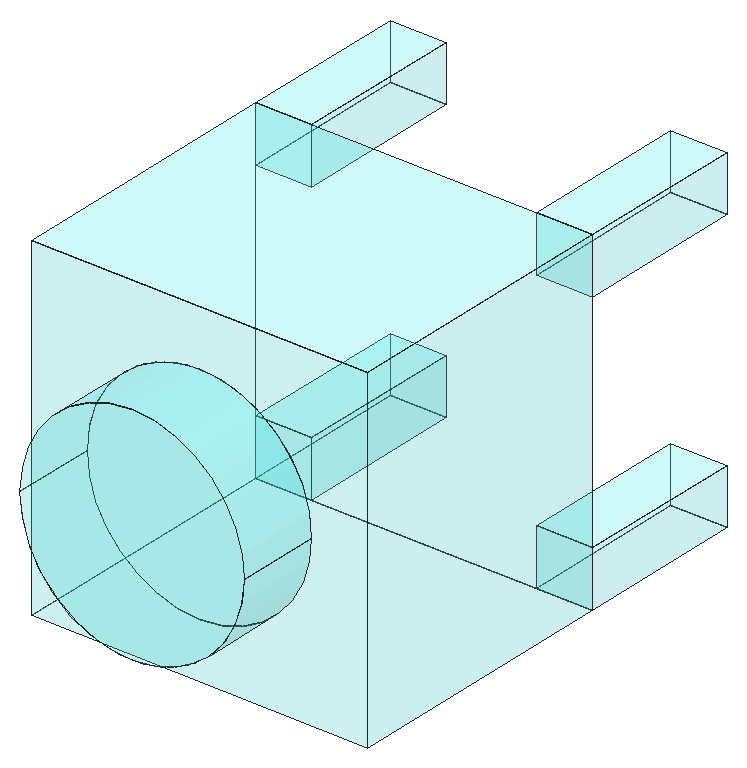
Revit family "PUSH_BUTTON_6x6", category Sistema de mobiliário, Revit 2024
Family settings
  Cota do conector redondo = Utilizar diâmetro
  Tipo de parte = Normal
  Com base no plano de trabalho = Não
  Ativar corte nas vistas = Não
  Sempre na vertical = Sim
  Corte com vazios quando carregada = Não
  Compartilhado = Não
  Ponto de cálculo do ambiente = Não
Parameters
  Elevação padrão = 0 mm
Reference planes
  plane 1 "Centro (Frente/Trás)": y = 0
  plane 2: z = 0
  plane 3 "Centro (Esquerda/Direita)": x = 0
Forms (mm)
  Extrusion 1, solid, material ".BOTAO"
    sketch origin (0, 0, 0) x (1, 0, 0) y (0, 1, 0)
      loop
        line (3, 0) -> (3, 5) -> (-3, 5) -> (-3, 0) -> (3, 0)
    from 0 to 6
  Extrusion 2, solid, material ".BOTAO"
    sketch origin (0, 0, 0) x (1, 0, 0) y (0, 0, 1)
      loop
        circle (0, 3) r 2
    from 0 to 1.5
  Extrusion 3, solid, material ".BOTAO"
    sketch origin (0, 0, 0) x (1, 0, 0) y (0, 0, 1)
      loop
        line (3, 6) -> (2, 6) -> (2, 5) -> (3, 5) -> (3, 6)
      loop
        line (-2, 6) -> (-3, 6) -> (-3, 5) -> (-2, 5) -> (-2, 6)
      loop
        line (3, 1) -> (2, 1) -> (2, 0) -> (3, 0) -> (3, 1)
      loop
        line (-2, 1) -> (-3, 1) -> (-3, 0) -> (-2, 0) -> (-2, 1)
    from -8 to -5
Dimensions and locks
  aligned and locked: level to plane 2
